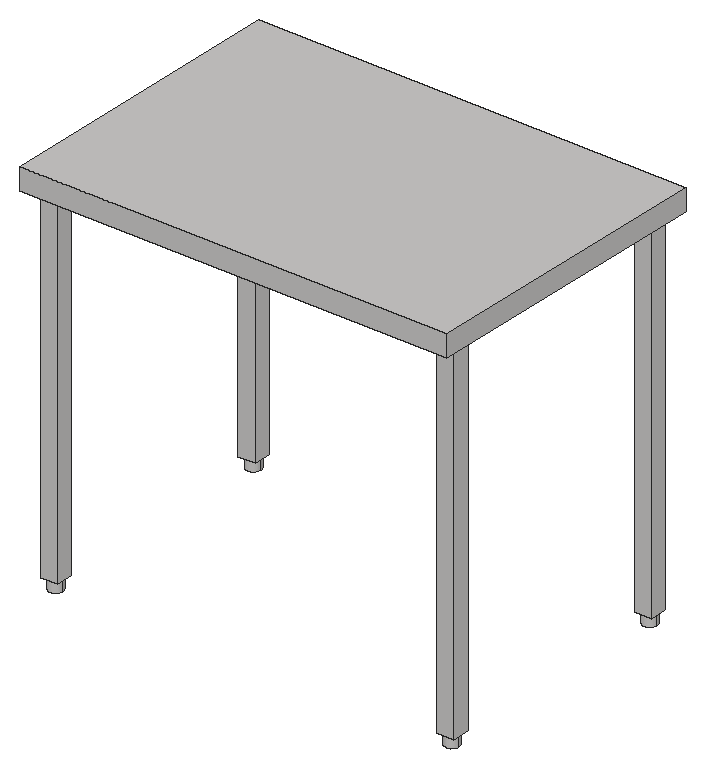
Revit family "QF_ELECTROLUXPROFESSIONAL_132723_TG1000PN", category Attrezzature speciali, Revit 2020
Family settings
  Quota connettore circolare = Usa diametro
  Tipo di parte = Normale
  Basato su piano di lavoro = No
  Sempre verticale = Sì
  Taglio con vuoti quando caricato = No
  Condiviso = No
  Punto di calcolo locali = No
Parameters (values of type "Standard")
  Weight = 24.40 kg
  Watts = 0 W
  Volts = 0 V
  URL Manufacturer = "https://www.electroluxprofessional.com/"
  URL = "https://www.electroluxprofessional.com/"
  Steam Supply Size = 0 mm
  Steam Supply Minimum Pressure = 0.0 Pa
  Steam Supply Maximum Pressure = 0.0 Pa
  Steam Consumption per Hour = 0
  Refrigeration Suction Line Size = 0.0 mm
  Refrigeration Liquid Line Size = 0.0 mm
  Refrigerant Compressor Remote = yes
  Prospetto di default = 0.0 mm
  Produttore = "Electrolux Professional"
  Phase = 0
  Modello = "TG1000PN"
  Length Actual = 1000.0 mm  # constant formula
  Item Number = "132723"
  Hot Water Size = 0 mm
  Height Actual = 900.0 mm  # constant formula
  HP = "0 HP"
  Gas Size = 0 mm
  Gas KW = 0
  Gas Input Pressure = 0 W
  Direct Waste Size = 0 mm
  Descrizione = "WORK TABLE 1000 MM"
  Depth Actual = 700.0 mm  # constant formula
  Cycle = 0 Hz
  Condensate Return Size = 0 mm
  Compressed Air Volume = 0.0 L/s
  Compressed Air Size = 0 mm
  Compressed Air Pressure = 0.0 Pa
  Cold Water Size = 0 mm
  Accessory = yes
Reference planes
  plane 1 "Center (Front/Back)": y = 0
  plane 2: z = 0
  plane 3 "Center (Left/Right)": x = 0
  plane 4 "LEFT": x = -500
  plane 5 "RIGHT": x = 500
  plane 6 "BACK": y = 350
  plane 7 "FRONT": y = -350
  plane 8 "Base": z = 850
  plane 9 "TOP": z = 900
  plane 10: x = -464.5
  plane 11: x = 464.5
  plane 12: y = 290
  plane 13: y = -290
Forms (mm)
  Extrusion 1, solid, material "QF_Finishes_Stainless Steel"
    sketch origin (0, 0, 0) x (0, 1, 0) y (0, 0, 1)
      loop
        line (-350, 850) -> (350, 850) -> (350, 900) -> (-350, 900) -> (-350, 850)
    from 500 to -500
Lines and regions (mm)
  symbolic lines
    curve 1: line (500, 350, 900) -> (-500, 350, 900)
    curve 2: line (-500, 350, 900) -> (-500, -350, 900)
    curve 3: line (-500, -350, 900) -> (500, -350, 900)
    curve 4: line (500, -350, 900) -> (500, 350, 900)
Dimensions and locks
  plane 4 "LEFT" to plane 5 "RIGHT" = 1000.0 mm
  equal spacing: plane 4 "LEFT", plane 3 "Center (Left/Right)", plane 5 "RIGHT"
  locked: plane 8 "Base" to level at 850
  plane 4 "LEFT" to plane 10 = 35.5 mm
  plane 11 to plane 5 "RIGHT" = 35.5 mm
  plane 10 to plane 11 = 929.0 mm
  locked: plane 9 "TOP" to level at 900
  plane 6 "BACK" to plane 12 = 60.0 mm
  plane 13 to plane 7 "FRONT" = 60.0 mm
  plane 6 "BACK" to plane 7 "FRONT" = 700.0 mm
  plane 12 to plane 13 = 580.0 mm
  equal spacing: plane 6 "BACK", plane 1 "Center (Front/Back)", plane 7 "FRONT"
  aligned and locked: level to plane 2
  aligned and locked: plane 10 to nested 1
  aligned and locked: nested 1 to plane 13
  aligned and locked: plane 11 to nested 2
  aligned and locked: nested 2 to plane 13
  aligned and locked: plane 11 to nested 4
  aligned and locked: nested 4 to plane 12
  aligned and locked: plane 10 to nested 3
  aligned and locked: nested 3 to plane 12
  aligned and locked: Extrusion 1 to plane 4 "LEFT"
  aligned and locked: plane 5 "RIGHT" to Extrusion 1
  aligned and locked: curve 2 to plane 4 "LEFT"
Automatic sketch dimensions
  Extrusion 1 sketch curve to plane 7 "FRONT" = 0.0 mm
  Extrusion 1 sketch curve to plane 8 "Base" = 0.0 mm
  curve 3 to plane 7 "FRONT" = 0.0 mm
  curve 4 to plane 6 "BACK" = 0.0 mm
  Extrusion 1 sketch curve to plane 9 "TOP" = 0.0 mm
  Extrusion 1 sketch curve to plane 6 "BACK" = 0.0 mm
  curve 4 to plane 5 "RIGHT" = 0.0 mm
Nested families
  nested 1: "FEET_40x40" at (-464.5, -290, 0), type "FEET_40x40"
  nested 2: "FEET_40x40" at (464.5, -290, 0), type "FEET_40x40"
  nested 3: "FEET_40x40" at (-464.5, 290, 0), type "FEET_40x40"
  nested 4: "FEET_40x40" at (464.5, 290, 0), type "FEET_40x40"
Definition of nested family "FEET_40x40"
  Parameters
    Default Elevation = 0.0 mm
    FEET = 850.0 mm
  Reference planes
    plane 1 "Center (Front/Back)": y = 0
    plane 2: z = 0
    plane 3 "Center (Left/Right)": x = 0
    plane 4: z = 850
  Forms (mm)
    Extrusion 1, solid
      sketch origin (0, 0, 0) x (1, 0, 0) y (0, 1, 0)
        loop
          line (-20, -20) -> (20, -20) -> (20, 20) -> (-20, 20) -> (-20, -20)
      from 25 to 845
    Extrusion 2, solid
      sketch origin (0, 0, 0) x (1, 0, 0) y (0, 1, 0)
        loop
          circle (0, 0) r 16
      from 0 to 25
    Extrusion 3, solid
      sketch origin (0, 0, 0) x (1, 0, 0) y (0, 1, 0)
        loop
          line (30, 30) -> (-30, 30) -> (-30, -30) -> (30, -30) -> (30, 30)
      from 845 to 850
  Lines and regions (mm)
    symbolic lines
      curve 1: line (0, -1.503, 0) -> (0, 1.508, 0)
      curve 2: line (1.561, 0, 0) -> (-1.439, 0, 0)
  Dimensions and locks
    "FEET": plane 4 to plane 2
    aligned and locked: level to plane 2
  Automatic sketch dimensions
    Extrusion 1 sketch curve to plane 3 "Center (Left/Right)" = 20.0 mm
    plane 3 "Center (Left/Right)" to Extrusion 1 sketch curve = 20.0 mm
    plane 1 "Center (Front/Back)" to Extrusion 1 sketch curve = 20.0 mm
    Extrusion 1 sketch curve to plane 1 "Center (Front/Back)" = 20.0 mm
    plane 1 "Center (Front/Back)" to Extrusion 2 sketch curve = 0.0 mm
    Extrusion 2 sketch curve to plane 3 "Center (Left/Right)" = 0.0 mm
    plane 3 "Center (Left/Right)" to Extrusion 3 sketch curve = 30.0 mm
    Extrusion 3 sketch curve to plane 1 "Center (Front/Back)" = 30.0 mm
    Extrusion 3 sketch curve to plane 3 "Center (Left/Right)" = 30.0 mm
    plane 1 "Center (Front/Back)" to Extrusion 3 sketch curve = 30.0 mm
    plane 1 "Center (Front/Back)" to curve 2 = 0.0 mm
    curve 1 to plane 3 "Center (Left/Right)" = 0.0 mm
    curve 2 to plane 3 "Center (Left/Right)" = 1.439 mm
    plane 3 "Center (Left/Right)" to curve 2 = 1.561 mm
    plane 1 "Center (Front/Back)" to curve 1 = 1.503 mm
    curve 1 to plane 1 "Center (Front/Back)" = 1.508 mm
    radius of Extrusion 2 sketch curve = 16.0 mm
